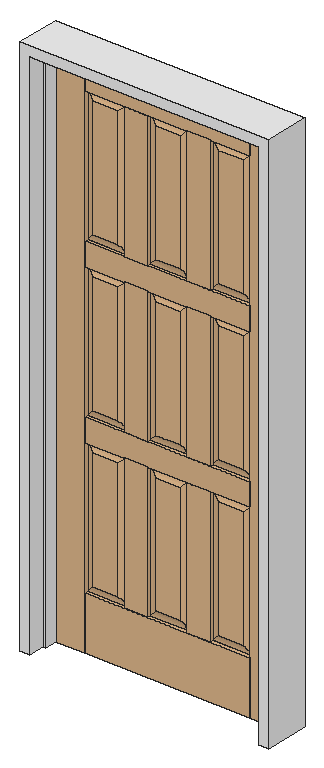
Revit family
Parameters (values of type "1 3/4" Raised Panel")
  URL = "http://www.karonadoor.com"
  Thickness Note = "Do not edit thickness."  # constant formula
  Thickness = 1.774"
  Swing Angle 2D = 90.00°
  SmartBIM Object Version = 1  # constant formula
  SmartBIM Object Created By = "Reed Construction Data"  # constant formula
  Rough Width = 0.000"
  Rough Height = 1.750"
  Panel = Panel_K3090_Karona : 1 3/4" - Raised Panel
  Model = "K3090 Square"  # constant formula
  Manufacturer = "Karona , Inc."  # constant formula
  Interior Panel = Wood, Cherry - Grain Vertical
  Detail Door Thickness = 1.750"
  Assembly Code = ""
  Top Rail Height = 5.000"
  Top Rail = Wood, Cherry - Grain Horizontal
  Stile Width = 5.063"
  Stile = Wood, Cherry - Grain Vertical
  Sticking = Wood, Cherry - Grain Vertical
  Middle Rail = Wood, Cherry - Grain Horizontal
  Height = 84.000"
  Wall Closure = (empty or 0)
  Width = 36.000"
  Frame = Metal
  Bottom Rail Height = 8.500"
  Bottom Rail = Wood, Cherry - Grain Horizontal
  95 CSI = "08210"  # constant formula
  04 CSI = "08 14 33"  # constant formula
Types (9): name | Thickness | Rough Height | Panel | Detail Door Thickness
  1 3/4" Flat Panel | 1.774" | 1.750" | Panel_K3090_Karona : 1 3/4" - Flat Panel | 1.750"
  1 3/8" Flat Panel | 1.334" | 0.000" | Panel_K3090_Karona : 1 3/8" - Flat Panel | 1.375"
  2 1/4" Flat Panel | 2.250" | 0.000" | Panel_K3090_Karona : 2 1/4" - Flat Panel | 2.250"
  1 3/4" Glass Panel | 1.774" | 1.750" | Panel_K3090_Karona : 1 3/4" - Glass Panel | 1.750"
  1 3/8" Glass Panel | 1.334" | 0.000" | Panel_K3090_Karona : 1 3/8" - Glass Panel | 1.375"
  2 1/4" Glass Panel | 2.250" | 0.000" | Panel_K3090_Karona : 2 1/4" - Glass | 2.250"
  1 3/4" Raised Panel | 1.774" | 1.750" | Panel_K3090_Karona : 1 3/4" - Raised Panel | 1.750"
  1 3/8" Raised Panel | 1.334" | 0.000" | Panel_K3090_Karona : 1 3/8" - Raised Panel | 1.375"
  2 1/4" Raised Panel | 2.250" | 0.000" | Panel_K3090_Karona : 2 1/4" - Raised Panel | 2.250"
Reference planes (in)
  plane 1 "Center (Front/Back)": y = 0
  plane 2 "Center (Left/Right)": x = 0
  plane 3 "Left": x = -18
  plane 4 "Right": x = 18
  plane 5 "Top": z = 84
  plane 6 "Exterior Edge of Frame": y = 3.5
  plane 7 "Interior Edge of Frame": y = -3.5
  plane 8: y = 1
  plane 9: y = -1
  plane 10 "Opening Left": x = -19.5
  plane 11 "Opening Right": x = 19.5
  plane 12 "Top of Opening": z = 85.5
  plane 13: x = -17.5
Forms (in)
  Sweep 1, solid, material "Metal" <- "Frame"
    path origin (0, 0, 0) x (1, 0, 0) y (0, 0, 1)
      loop
        line (-19.5, 0) -> (-19.5, 85.5) -> (19.5, 85.5) -> (19.5, 0)
    profile origin (-19.5, 0, 42.75) x (-1, 0, 0) y (0, -1, 0)
      loop
        line (0, -3.5) -> (0, 3.5) -> (-1.5, 3.5) -> (-1.5, 1) -> (-2, 1) -> (-2, -1) -> (-1.5, -1) -> (-1.5, -3.5) -> (0, -3.5)
Lines and regions (in)
  Opening 1
    outline origin (-90, -3, 0) x (1, 0, 0) y (0, 0, 1)
      loop
        line (70.5, 0) -> (109.5, 0) -> (109.5, 85.5) -> (70.5, 85.5) -> (70.5, 0)
  symbolic lines, style "Elevation Swing"
    curve 1: line (18, 3, 0) -> (-18, 3, 42)
    curve 2: line (-18, 3, 42) -> (18, 3, 84)
Text (in)
  text "Exterior" at (-46.13199, 20.20143, 0), in view "Ref. Level"
  text "Interior" at (-46.13199, -10.56751, 0), in view "Ref. Level"
  text "Exterior" at (0, 40.15149, 123.01588), in view "Right"
  text "Interior" at (0, -64.39139, 123.01588), in view "Right"
  text "Interior" at (0, -31.01599, 123.00693), in view "Left"
  text "Exterior" at (0, 54.57065, 123.00693), in view "Left"
Dimensions and locks (in)
  "Height": level to plane 5 "Top"
  "Width": plane 3 "Left" to plane 4 "Right"
  equal spacing: host wall, curve 2, plane 5 "Top"
  locked: host wall to plane 7 "Interior Edge of Frame" at 0.5
  locked: plane 6 "Exterior Edge of Frame" to host wall at 0.5
  locked: plane 9 to plane 7 "Interior Edge of Frame" at 2.5
  locked: plane 6 "Exterior Edge of Frame" to plane 8 at 2.5
  equal spacing: plane 3 "Left", plane 2 "Center (Left/Right)", plane 4 "Right"
  locked: plane 4 "Right" to plane 11 "Opening Right" at 1.5
  locked: plane 5 "Top" to plane 12 "Top of Opening" at 1.5
  locked: plane 3 "Left" to plane 13 at 0.5
  locked: plane 10 "Opening Left" to plane 3 "Left" at 1.5
  aligned and locked: Opening 1 sketch curve to level
  aligned and locked: plane 4 "Right" to curve 1
  aligned and locked: plane 3 "Left" to curve 1
  aligned and locked: plane 5 "Top" to curve 2
  aligned and locked: Opening 1 sketch curve to plane 11 "Opening Right"
  aligned and locked: plane 12 "Top of Opening" to Opening 1 sketch curve
  aligned and locked: Opening 1 sketch curve to plane 10 "Opening Left"
  aligned and locked: plane 10 "Opening Left" to Sweep 1 sketch curve
  aligned and locked: plane 12 "Top of Opening" to Sweep 1 sketch curve
  aligned and locked: plane 11 "Opening Right" to Sweep 1 sketch curve
  aligned and locked: level to Sweep 1 sketch curve  (x2)
  aligned and locked: Sweep 1 sketch curve to plane 10 "Opening Left"
  aligned and locked: Sweep 1 sketch curve to plane 6 "Exterior Edge of Frame"
  aligned and locked: Sweep 1 sketch curve to plane 7 "Interior Edge of Frame"
  aligned and locked: Sweep 1 sketch curve to plane 8
  aligned and locked: Sweep 1 sketch curve to plane 9
  aligned and locked: plane 13 to Sweep 1 sketch curve
  aligned and locked: plane 3 "Left" to Sweep 1 sketch curve  (x2)
  aligned and locked: nested 1 to plane 2 "Center (Left/Right)"
  aligned and locked: nested 1 to plane 8
  aligned and locked: nested 2 to plane 3 "Left"
  aligned and locked: nested 2 to plane 8
Automatic sketch dimensions
  curve 1 to level = 0.000"
  curve 2 to plane 4 "Right" = 0.000"
Nested families (in)
  nested 1: "Panel_K3090_Karona" at (-13.5, 0.6575, 0) x (-1, 0, 0) z (0, 0, 1), type <- "Panel", type "1 3/4" - Raised Panel"
    with Stile Width 5.063", Panel Width 6.208", Half Panel Width 3.104"
  nested 2: "Door Panel Plan View" at (-31.5, 1, 0) x (-1, 0, 0) z (0, 0, 1), type "Door Panel Plan View"
    with Thickness 1.750", Height 84.000"
Definition of nested family "Panel_K3090_Karona"
  Parameters (values of type "2 1/4" - Glass")
    Width = 36.000"
    Top Rail Material = Wood, Cherry - Grain Horizontal
    Top Rail Height = 5.000"
    Top Panel Offset = Top Rail Height + Half Panel Height  # 15.54167"
    Thickness Note = "Do not change door thickness"  # constant formula
    Thickness = 2.250"
    Stile Width = 5.250"
    Stile Material = Wood, Cherry - Grain Vertical
    Sticking Material = Wood, Cherry - Grain Vertical
    Panel Width = (Width - (2 * Stile Width) - (2 * Mullion Width)) / 3  # 6.08333"
    Panel Height = (Height - (Bottom Rail Height + Top Rail Height) - (2 * 3.625")) / 3  # 21.08333"
    Panel = Glass-Sticking-Assembly-Square_Karona : Glass Panel
    Mullion Width = 3.625"  # constant formula
    Interior Panel = Glass
    Height = 84.000"
    Half Panel Width = 0.5 * Panel Width  # 3.04167"
    Half Panel Height = 0.5 * Panel Height  # 10.54167"
    Exterior Edge - Glass Bottom Offset = if(Thickness = 1.774", 0.567", if(Thickness = 2.250", 0.803", 0.469"))  # 0.803"
    Door Panel Material = Wood, Cherry - Grain Vertical
    Default Elevation = 0.000"  # constant formula
    Cross Rail and Panel Spacing Start = Half Panel Height + 0.5 * (3.625")  # 12.35417"
    Cross Rail Panel Height = Panel Height + 3.625"  # 24.70833"
    Bottom Rail Material = Wood, Cherry - Grain Horizontal
    Bottom Rail Height = 8.500"
    Assembly Code = ""
  Types (9): name | Top Rail Height | Top Panel Offset | Thickness | Stile Width | Panel Width | Panel Height | Panel | Interior Panel | Half Panel Width | Half Panel Height | Exterior Edge - Glass Bottom Offset | Cross Rail and Panel Spacing Start | Cross Rail Panel Height | Bottom Rail Height
    2 1/4" - Flat Panel | 5.000" | 15.54167" | 2.250" | 5.250" | 6.08333" | 21.08333" | Glass-Sticking-Assembly-Square_Karona : Flat Panel | Wood, Cherry - Grain Vertical | 3.04167" | 10.54167" | 0.803" | 12.35417" | 24.70833" | 8.500"
    2 1/4" - Glass | 5.000" | 15.54167" | 2.250" | 5.250" | 6.08333" | 21.08333" | Glass-Sticking-Assembly-Square_Karona : Glass Panel | Glass | 3.04167" | 10.54167" | 0.803" | 12.35417" | 24.70833" | 8.500"
    2 1/4" - Raised Panel | 10.000" | 19.45833" | 2.250" | 8.000" | 4.250" | 18.91667" | Glass-Sticking-Assembly-Square_Karona : Raised Panel | Wood, Cherry - Grain Vertical | 2.125" | 9.45833" | 0.803" | 11.27083" | 22.54167" | 10.000"
    1 3/4" - Raised Panel | 5.000" | 15.54167" | 1.774" | 5.250" | 6.08333" | 21.08333" | Glass-Sticking-Assembly-Square_Karona : Raised Panel | Wood, Cherry - Grain Vertical | 3.04167" | 10.54167" | 0.567" | 12.35417" | 24.70833" | 8.500"
    1 3/4" - Flat Panel | 5.000" | 15.54167" | 1.774" | 5.250" | 6.08333" | 21.08333" | Glass-Sticking-Assembly-Square_Karona : Flat Panel | Wood, Cherry - Grain Vertical | 3.04167" | 10.54167" | 0.567" | 12.35417" | 24.70833" | 8.500"
    1 3/4" - Glass Panel | 5.000" | 15.54167" | 1.774" | 5.250" | 6.08333" | 21.08333" | Glass-Sticking-Assembly-Square_Karona : Glass Panel | Glass | 3.04167" | 10.54167" | 0.567" | 12.35417" | 24.70833" | 8.500"
    1 3/8" - Raised Panel | 5.000" | 15.54167" | 1.334" | 5.250" | 6.08333" | 21.08333" | Glass-Sticking-Assembly-Square_Karona : Raised Panel | Wood, Cherry - Grain Vertical | 3.04167" | 10.54167" | 0.469" | 12.35417" | 24.70833" | 8.500"
    1 3/8" - Glass Panel | 5.000" | 15.54167" | 1.334" | 5.250" | 6.08333" | 21.08333" | Glass-Sticking-Assembly-Square_Karona : Glass Panel | Glass | 3.04167" | 10.54167" | 0.469" | 12.35417" | 24.70833" | 8.500"
    1 3/8" - Flat Panel | 5.000" | 15.54167" | 1.334" | 5.250" | 6.08333" | 21.08333" | Glass-Sticking-Assembly-Square_Karona : Flat Panel | Wood, Cherry - Grain Vertical | 3.04167" | 10.54167" | 0.469" | 12.35417" | 24.70833" | 8.500"
  Reference planes (in)
    plane 1 "Center (Front/Back)": y = 1.2315
    plane 2: z = 0
    plane 3 "Center (Left/Right)": x = -13.5
    plane 4 "Left": x = -31.5
    plane 5: x = 4.5
    plane 6 "Inner Left": x = -26.25
    plane 7 "Inner Right": x = -0.75
    plane 8: z = 8.5
    plane 9 "Bottom Of Top Rail": z = 79
    plane 10 "Top": z = 84
    plane 11 "Interior Edge of Door": y = 2.3565
    plane 12: z = 79
    plane 13 "Exterior Edge of Door": y = 0.1065
    plane 14 "Bottom of Glass": y = 0.9095
    plane 15 "Left Panel Vertical Midline": x = -23.20833
    plane 16 "Right Panel Vertical Midline": x = -3.79167
    plane 17 "Center of Left Vertical Mullion": x = -18.35417
    plane 18 "Center of Right Vertical Mullion": x = -8.64583
    plane 19: z = 57.91667
    plane 20: z = 29.58333
    plane 21: z = 54.29167
    plane 22: z = 68.45833
    plane 23: z = 19.04167
    plane 24: z = 33.20833
    plane 25: z = 43.75
  Forms (in)
    Extrusion 1, solid, material "Wood, Cherry - Grain Horizontal" <- "Bottom Rail Material"
      sketch origin (0, -101.3125, 0) x (1, 0, 0) y (0, 0, 1)
        loop
          line (-26.25, 0) -> (-0.75, 0) -> (-0.75, 8.5) -> (-26.25, 8.5) -> (-26.25, 0)
      from -103.669 to -101.419
    Extrusion 2, solid, material "Wood, Cherry - Grain Vertical" <- "Stile Material"
      sketch origin (0, 1.2315, 0) x (1, 0, 0) y (0, 0, 1)
        loop
          line (-31.5, 84) -> (-31.5, 0) -> (-26.25, 0) -> (-26.25, 84) -> (-31.5, 84)
        loop
          line (-0.75, 0) -> (4.5, 0) -> (4.5, 84) -> (-0.75, 84) -> (-0.75, 0)
      from -1.125 to 1.125
    Extrusion 3, solid, material "Wood, Cherry - Grain Horizontal" <- "Top Rail Material"
      sketch origin (0, 1.2315, 0) x (1, 0, 0) y (0, 0, 1)
        loop
          line (-26.25, 84) -> (-26.25, 79) -> (-0.75, 79) -> (-0.75, 84) -> (-26.25, 84)
      from -1.125 to 1.125
    Extrusion 4, solid, material "Wood, Cherry - Grain Vertical" <- "Stile Material"
      sketch origin (0, 1.2315, 0) x (1, 0, 0) y (0, 0, 1)
        loop
          line (-20.16667, 8.5) -> (-16.54167, 8.5) -> (-16.54167, 29.58333) -> (-20.16667, 29.58333) -> (-20.16667, 8.5)
        loop
          line (-20.16667, 79) -> (-20.16667, 57.91667) -> (-16.54167, 57.91667) -> (-16.54167, 79) -> (-20.16667, 79)
        loop
          line (-10.45833, 8.5) -> (-6.83333, 8.5) -> (-6.83333, 29.58333) -> (-10.45833, 29.58333) -> (-10.45833, 8.5)
        loop
          line (-10.45833, 79) -> (-10.45833, 57.91667) -> (-6.83333, 57.91667) -> (-6.83333, 79) -> (-10.45833, 79)
        loop
          line (-20.16667, 33.20933) -> (-16.54167, 33.20933) -> (-16.54167, 54.29267) -> (-20.16667, 54.29267) -> (-20.16667, 33.20933)
        loop
          line (-10.45833, 33.20933) -> (-6.83333, 33.20933) -> (-6.83333, 54.29267) -> (-10.45833, 54.29267) -> (-10.45833, 33.20933)
      from -1.125 to 1.125
    Extrusion 5, solid, material "Wood, Cherry - Grain Horizontal" <- "Top Rail Material"
      sketch origin (0, 1.2315, 0) x (1, 0, 0) y (0, 0, 1)
        loop
          line (-0.75, 29.58333) -> (-0.75, 33.20933) -> (-26.25, 33.20933) -> (-26.25, 29.58333) -> (-0.75, 29.58333)
        loop
          line (-0.75, 54.29167) -> (-0.75, 57.91767) -> (-26.25, 57.91767) -> (-26.25, 54.29167) -> (-0.75, 54.29167)
      from -1.125 to 1.125
  Text (in)
    text "EXTERIOR" at (-34.59289, -1.27941, 0), in view "Ref. Level"
    text "EXTERIOR" at (0, -9.65287, 72.76687), in view "Left"
    text "EXTERIOR" at (0, -33.33473, 96.68074), in view "Right"
  Dimensions and locks (in)
    equal spacing: plane 4 "Left", plane 3 "Center (Left/Right)", plane 5
    "Width": plane 4 "Left" to plane 5
    "Stile Width": plane 4 "Left" to plane 6 "Inner Left"
    "Stile Width": plane 5 to plane 7 "Inner Right"
    "Bottom Rail Height": plane 8 to plane 2
    "Top Rail Height": plane 10 "Top" to plane 9 "Bottom Of Top Rail"
    "Height": plane 10 "Top" to plane 2
    equal spacing: plane 11 "Interior Edge of Door", plane 1 "Center (Front/Back)", plane 13 "Exterior Edge of Door"
    "Thickness": plane 11 "Interior Edge of Door" to plane 13 "Exterior Edge of Door"
    "Exterior Edge - Glass Bottom Offset": plane 14 "Bottom of Glass" to plane 13 "Exterior Edge of Door"
    "Exterior Edge - Glass Bottom Offset": plane 13 "Exterior Edge of Door" to plane 14 "Bottom of Glass"
    "Half Panel Width": plane 15 "Left Panel Vertical Midline" to plane 6 "Inner Left"
    "Half Panel Width": plane 7 "Inner Right" to plane 16 "Right Panel Vertical Midline"
    equal spacing: plane 3 "Center (Left/Right)", plane 17 "Center of Left Vertical Mullion", plane 15 "Left Panel Vertical Midline"
    locked: Extrusion 4 sketch curve to plane 17 "Center of Left Vertical Mullion" at 1.8125  (x2)
    equal spacing: plane 16 "Right Panel Vertical Midline", plane 18 "Center of Right Vertical Mullion", plane 3 "Center (Left/Right)"
    locked: Extrusion 4 sketch curve to plane 18 "Center of Right Vertical Mullion" at 1.8125  (x2)
    Extrusion 5 sketch curve to Extrusion 5 sketch curve = 3.626"  (x2)
    locked: Extrusion 5 sketch curve to Extrusion 5 sketch curve at 3.626  (x2)
    "Panel Height": plane 12 to plane 19
    equal spacing: plane 20, plane 23, plane 8
    equal spacing: plane 12, plane 22, plane 19
    "Panel Height": plane 20 to plane 8
    "Mullion Width": plane 24 to plane 20
    "Mullion Width": plane 19 to plane 21
    equal spacing: plane 21, plane 25, plane 24
    aligned and locked: Extrusion 1 to plane 2
    aligned and locked: plane 11 "Interior Edge of Door" to Extrusion 1
    aligned and locked: plane 4 "Left" to Extrusion 2 sketch curve
    aligned and locked: Extrusion 2 sketch curve to plane 10 "Top"
    aligned and locked: Extrusion 2 sketch curve to Extrusion 1  (x3)
    aligned and locked: Extrusion 1 to Extrusion 2 sketch curve
    aligned and locked: plane 10 "Top" to Extrusion 2 sketch curve
    aligned and locked: plane 5 to Extrusion 2 sketch curve
    aligned and locked: plane 11 "Interior Edge of Door" to Extrusion 2
    aligned and locked: Extrusion 2 to Extrusion 3 sketch curve
    aligned and locked: Extrusion 3 sketch curve to Extrusion 2
    aligned and locked: plane 11 "Interior Edge of Door" to Extrusion 3
    aligned and locked: plane 12 to plane 9 "Bottom Of Top Rail"
    aligned and locked: level to plane 2
    aligned and locked: Extrusion 3 to plane 13 "Exterior Edge of Door"
    aligned and locked: Extrusion 3 to plane 11 "Interior Edge of Door"
    aligned and locked: Extrusion 2 to plane 13 "Exterior Edge of Door"
    aligned and locked: Extrusion 3 to plane 12
    aligned and locked: Extrusion 1 to Extrusion 2
    aligned and locked: nested 1 to plane 1 "Center (Front/Back)"
    aligned and locked: Extrusion 4 sketch curve to plane 12  (x2)
    aligned and locked: Extrusion 4 sketch curve to plane 8  (x2)
    aligned and locked: plane 11 "Interior Edge of Door" to Extrusion 4
    aligned and locked: Extrusion 4 to plane 13 "Exterior Edge of Door"
    aligned and locked: plane 11 "Interior Edge of Door" to Extrusion 5
    aligned and locked: Extrusion 5 to plane 13 "Exterior Edge of Door"
    aligned and locked: plane 15 "Left Panel Vertical Midline" to nested 1
    aligned and locked: nested 2 to plane 15 "Left Panel Vertical Midline"
    aligned and locked: plane 3 "Center (Left/Right)" to nested 3
    aligned and locked: plane 16 "Right Panel Vertical Midline" to nested 4
    aligned and locked: plane 3 "Center (Left/Right)" to nested 5
    aligned and locked: nested 6 to plane 16 "Right Panel Vertical Midline"
    aligned and locked: plane 22 to nested 1
    aligned and locked: plane 22 to nested 3
    aligned and locked: plane 22 to nested 4
    aligned and locked: Extrusion 4 sketch curve to plane 19
    aligned and locked: plane 19 to Extrusion 4 sketch curve
    aligned and locked: Extrusion 4 sketch curve to plane 20  (x2)
    aligned and locked: plane 21 to Extrusion 5
    aligned and locked: plane 15 "Left Panel Vertical Midline" to nested 7
    aligned and locked: plane 3 "Center (Left/Right)" to nested 8
    aligned and locked: plane 16 "Right Panel Vertical Midline" to nested 9
    aligned and locked: plane 25 to nested 7
    aligned and locked: plane 25 to nested 8
    aligned and locked: plane 25 to nested 9
    aligned and locked: plane 20 to Extrusion 5 sketch curve
    aligned and locked: plane 23 to nested 6
    aligned and locked: plane 23 to nested 5
    aligned and locked: plane 23 to nested 2
  Automatic sketch dimensions
    Extrusion 1 sketch curve to plane 6 "Inner Left" = 0.000"
    Extrusion 1 sketch curve to plane 7 "Inner Right" = 0.000"
    Extrusion 1 sketch curve to level = 0.000"
    Extrusion 1 sketch curve to plane 8 = 0.000"
    Extrusion 3 sketch curve to plane 7 "Inner Right" = 0.000"
    Extrusion 3 sketch curve to plane 9 "Bottom Of Top Rail" = 0.000"
    Extrusion 4 sketch curve to plane 17 "Center of Left Vertical Mullion" = 1.8125"  (x3)
    plane 24 to Extrusion 4 sketch curve = 0.001"  (x2)
    plane 17 "Center of Left Vertical Mullion" to Extrusion 4 sketch curve = 1.8125"
    Extrusion 4 sketch curve to plane 18 "Center of Right Vertical Mullion" = 1.8125"  (x3)
    plane 18 "Center of Right Vertical Mullion" to Extrusion 4 sketch curve = 1.8125"
    plane 21 to Extrusion 4 sketch curve = 0.001"  (x2)
    Extrusion 5 sketch curve to plane 6 "Inner Left" = 0.000"  (x2)
    Extrusion 5 sketch curve to plane 7 "Inner Right" = 0.000"  (x2)
    Extrusion 5 sketch curve to plane 21 = 0.000"
  Nested families (in)
    nested 1: "Glass-Sticking-Assembly-Square_Karona" at (-23.67708, 1.38, 57.91667), Width <- "Panel Width", Height <- "Panel Height", type <- "Panel", type "Glass Panel"
      with Width 6.08333", Height 21.08333", Door Thickness 2.250", B 0.803", A 0.433"
    nested 2: "Glass-Sticking-Assembly-Square_Karona" at (-23.67708, 1.38, 8.5), Width <- "Panel Width", Height <- "Panel Height", type <- "Panel", type "Glass Panel"
      with Width 6.08333", Height 21.08333", Door Thickness 2.250", B 0.803", A 0.433"
    nested 3: "Glass-Sticking-Assembly-Square_Karona" at (-13.96875, 1.38, 57.91667), Width <- "Panel Width", Height <- "Panel Height", type <- "Panel", type "Glass Panel"
      with Width 6.08333", Height 21.08333", Door Thickness 2.250", B 0.803", A 0.433"
    nested 4: "Glass-Sticking-Assembly-Square_Karona" at (-4.26042, 1.38, 57.91667), Width <- "Panel Width", Height <- "Panel Height", type <- "Panel", type "Glass Panel"
      with Width 6.08333", Height 21.08333", Door Thickness 2.250", B 0.803", A 0.433"
    nested 5: "Glass-Sticking-Assembly-Square_Karona" at (-13.96875, 1.38, 8.5), Width <- "Panel Width", Height <- "Panel Height", type <- "Panel", type "Glass Panel"
      with Width 6.08333", Height 21.08333", Door Thickness 2.250", B 0.803", A 0.433"
    nested 6: "Glass-Sticking-Assembly-Square_Karona" at (-4.26042, 1.38, 8.5), Width <- "Panel Width", Height <- "Panel Height", type <- "Panel", type "Glass Panel"
      with Width 6.08333", Height 21.08333", Door Thickness 2.250", B 0.803", A 0.433"
    nested 7: "Glass-Sticking-Assembly-Square_Karona" at (-23.67708, 1.38, 33.20833), Width <- "Panel Width", type <- "Panel", Height <- "Panel Height", type "Glass Panel"
      with Width 6.08333", Height 21.08333", Door Thickness 2.250", B 0.803", A 0.433"
    nested 8: "Glass-Sticking-Assembly-Square_Karona" at (-13.96875, 1.38, 33.20833), Width <- "Panel Width", type <- "Panel", Height <- "Panel Height", type "Glass Panel"
      with Width 6.08333", Height 21.08333", Door Thickness 2.250", B 0.803", A 0.433"
    nested 9: "Glass-Sticking-Assembly-Square_Karona" at (-4.26042, 1.38, 33.20833), Width <- "Panel Width", type <- "Panel", Height <- "Panel Height", type "Glass Panel"
      with Width 6.08333", Height 21.08333", Door Thickness 2.250", B 0.803", A 0.433"
  Definition of nested family "Glass-Sticking-Assembly-Square_Karona"
    Parameters (values of type "Glass Panel")
      Width [instance] = 19.000"
      Stop Adjustment = if(and(not(Glass Panel), Door Thickness = 1.774"), 0.513", if(and(not(Glass Panel), Door Thickness = 2.250"), 0.513", if((Glass Panel), 0.125", 0.273")))  # 0.125"
      Profile = Wood, Cherry - Grain Vertical
      Height [instance] = 23.000"
      Raised Panel = no
      Interior Panel = Wood, Cherry - Grain Vertical
      Glass Panel = yes
      Door Thickness = 1.774"
      C = if(Glass Panel, 0.125", if(Door Thickness = 1.774", 0.200", if(Door Thickness = 2.250", 0.439", 0.191")))  # 0.125"
      B = if(Door Thickness = 1.774", 0.567", if(Door Thickness = 2.250", 0.803", 0.469"))  # 0.567"
      Assembly Code = ""
      A = if(Door Thickness = 1.774", 0.197", if(Door Thickness = 2.250", 0.433", 0.194"))  # 0.197"
    Types (3): name | Width | Stop Adjustment | Raised Panel | Glass Panel | C
      Glass Panel | 19.000" | 0.125" | no | yes | 0.125"
      Flat Panel | 4.500" | 0.513" | no | no | 0.200"
      Raised Panel | 4.000" | 0.513" | yes | no | 0.200"
    Reference planes (in)
      plane 1 "Stop Adjustment Edge": y = -0.3455
      plane 2: z = 0
      plane 3 "Center (Left/Right)": x = 0.46875
      plane 4 "Back": y = 0.7365
      plane 5 "Front": y = -1.0375
      plane 6 "Left": x = -9.03125
      plane 7 "Right": x = 9.96875
      plane 8 "Top": z = 23
      plane 9 "Center (Up/Down)": z = 11.5
      plane 10 "Bottom of Stop": y = -0.2205
      plane 11 "Bottom of Glass": y = -0.4705
      plane 12 "Right Edge of Glass": x = 10.35675
      plane 13 "Left Edge of Glass": x = -9.41925
      plane 14 "Top Edge of Glass": z = 23.34425
      plane 15 "Bottom Edge of Glass": z = -0.34425
      plane 16 "A": y = -0.8405
      plane 17 "C": y = 0.6115
      plane 18: z = 0.438
      plane 19: z = 22.562
      plane 20: x = -8.59325
      plane 21: x = 9.53075
      plane 22 "Center (Front/Back)": y = -0.1505
      plane 23: x = -9.46925
      plane 24: x = 10.40675
      plane 25: z = 23.438
      plane 26: z = -0.438
    Forms (in)
      Extrusion 1, solid, material "Wood, Cherry - Grain Vertical" <- "Interior Panel"
        sketch origin (0, 0, 0) x (1, 0, 0) y (0, 1, 0)
          loop
            line (-9.41925, -0.2205) -> (-9.41925, -0.4705) -> (10.35675, -0.4705) -> (10.35675, -0.2205) -> (-9.41925, -0.2205)
        from -0.34425 to 23.34425
      Extrusion 2, solid, material "Wood, Cherry - Grain Vertical" <- "Profile", visible <- "Raised Panel"
        sketch origin (0, 0, 0) x (1, 0, 0) y (0, 1, 0)
          loop
            line (9.96875, 0.6115) -> (-9.03125, 0.6115) -> (-9.03125, -0.2205) -> (9.96875, -0.2205) -> (9.96875, 0.6115)
          loop
            line (-9.03125, -0.4705) -> (-9.03125, -0.8405) -> (9.96875, -0.8405) -> (9.96875, -0.4705) -> (-9.03125, -0.4705)
        from 0 to 23
      Sweep 3, void
        path origin (0, -0.2205, 0) x (-1, 0, 0) y (0, 0, 1)
          loop
            line (9.46925, -0.438) -> (9.46925, 23.438) -> (-10.40675, 23.438) -> (-10.40675, -0.438) -> (9.46925, -0.438)
        profile "Profile : 05" origin (-9.46925, -0.2205, 11.5) x (1, 0, 0) y (0, 1, 0)
          loop
            line (0, 0.05) -> (0.36169, 0.05096)
            arc (0.36169, 0.05096) -> (1.01257, 0.13642) -> (1.61934, 0.387) r 2.52143
            line (1.61934, 0.387) -> (0, 0.387) -> (0, 0.05)
      Sweep 4, void
        path origin (0, -0.4705, 0) x (-1, 0, 0) y (0, 0, 1)
          loop
            line (-10.40675, 23.438) -> (-10.40675, -0.438) -> (9.46925, -0.438) -> (9.46925, 23.438) -> (-10.40675, 23.438)
        profile "Profile : 05" origin (10.40675, -0.4705, 11.5) x (-1, 0, 0) y (0, 1, 0)
          loop
            line (0, -0.05) -> (0, -0.387) -> (1.61934, -0.387)
            arc (1.61934, -0.387) -> (1.01257, -0.13642) -> (0.36169, -0.05096) r 2.52143
            line (0.36169, -0.05096) -> (0, -0.05)
    Cuts and joins
      Sweep 3, Sweep 4 cuts Extrusion 2
    Text (in)
      text "INTERIOR" at (-14.3788, 3.49864, 0), in view "Ref. Level"
    Dimensions and locks (in)
      equal spacing: plane 6 "Left", plane 3 "Center (Left/Right)", plane 7 "Right"
      "Width": plane 6 "Left" to plane 7 "Right"
      "Door Thickness": plane 4 "Back" to plane 5 "Front"
      "Height": plane 8 "Top" to plane 2
      equal spacing: plane 8 "Top", plane 9 "Center (Up/Down)", level
      locked: plane 1 "Stop Adjustment Edge" to plane 11 "Bottom of Glass" at 0.125
      "Stop Adjustment": plane 10 "Bottom of Stop" to plane 1 "Stop Adjustment Edge"
      locked: plane 7 "Right" to plane 12 "Right Edge of Glass" at 0.388
      locked: plane 14 "Top Edge of Glass" to plane 8 "Top" at 0.34425
      locked: level to plane 15 "Bottom Edge of Glass" at 0.34425
      locked: plane 13 "Left Edge of Glass" to plane 6 "Left" at 0.388
      "B": plane 5 "Front" to plane 11 "Bottom of Glass"
      "A": plane 5 "Front" to plane 16 "A"
      "C": plane 17 "C" to plane 4 "Back"
      locked: plane 18 to level at 0.438
      locked: plane 8 "Top" to plane 19 at 0.438
      locked: plane 6 "Left" to plane 20 at 0.438
      locked: plane 21 to plane 7 "Right" at 0.438
      equal spacing: plane 4 "Back", plane 22 "Center (Front/Back)", plane 5 "Front"
      locked: plane 23 to plane 13 "Left Edge of Glass" at 0.05
      locked: plane 12 "Right Edge of Glass" to plane 24 at 0.05
      locked: plane 25 to plane 14 "Top Edge of Glass" at 0.09375
      locked: plane 15 "Bottom Edge of Glass" to plane 26 at 0.09375
      aligned and locked: Extrusion 1 sketch curve to plane 13 "Left Edge of Glass"
      aligned and locked: Extrusion 1 sketch curve to plane 10 "Bottom of Stop"
      aligned and locked: Extrusion 1 sketch curve to plane 11 "Bottom of Glass"
      aligned and locked: Extrusion 1 sketch curve to plane 12 "Right Edge of Glass"
      aligned and locked: plane 14 "Top Edge of Glass" to Extrusion 1
      aligned and locked: Extrusion 1 to plane 15 "Bottom Edge of Glass"
      aligned and locked: Extrusion 2 sketch curve to plane 17 "C"
      aligned and locked: Extrusion 2 sketch curve to plane 10 "Bottom of Stop"
      aligned and locked: Extrusion 2 sketch curve to plane 11 "Bottom of Glass"
      aligned and locked: Extrusion 2 sketch curve to plane 16 "A"
      aligned and locked: plane 25 to Sweep 4 sketch curve
      aligned and locked: Sweep 4 sketch curve to plane 23
      aligned and locked: plane 24 to Sweep 4 sketch curve
      aligned and locked: Sweep 4 sketch curve to plane 26
      aligned and locked: plane 25 to Sweep 3 sketch curve
      aligned and locked: plane 24 to Sweep 3 sketch curve
      aligned and locked: Sweep 3 sketch curve to plane 23
      aligned and locked: Sweep 3 sketch curve to plane 26
      aligned and locked: plane 6 "Left" to Extrusion 2 sketch curve  (x2)
      aligned and locked: plane 7 "Right" to Extrusion 2 sketch curve  (x2)
      aligned and locked: plane 8 "Top" to Extrusion 2
      aligned and locked: Extrusion 2 to level
Definition of nested family "Door Panel Plan View"
  Parameters (values of type "Door Panel Plan View")
    Width = 36.000"
    Thickness = 2.000"
    Swing Angle 2D = 90.00°
    Height = 0.000"
    Assembly Code = ""
  Reference planes (in)
    plane 1 "Center (Front/Back)": y = 0
    plane 2: z = 0
    plane 3 "Center (Left/Right)": x = -13.5
  Lines and regions (in)
    symbolic lines, style "DoorsPanelProjection"
      curve 1: line (-13.5, 0, 0) -> (-13.5, 36, 0)
      curve 2: line (-15.5, 0, 0) -> (-15.5, 36, 0)
      curve 3: line (-13.5, 0, 0) -> (-15.5, 0, 0)
      curve 4: line (-13.5, 36, 0) -> (-15.5, 36, 0)
    symbolic lines, style "Plan Swing"
      curve 5: arc (-13.5, 36, 0) -> (-38.95584, 25.45584, 0) -> (-49.5, 0, 0) r 36
  Dimensions and locks (in)
    "Width": curve 4 to curve 3
    "Thickness": curve 1 to curve 2
    "Swing Angle 2D": angle curve 1 to plane 1 "Center (Front/Back)"
    aligned and locked: plane 1 "Center (Front/Back)" to curve 5
  Automatic sketch dimensions
    curve 3 to plane 1 "Center (Front/Back)" = 0.000"
    curve 5 to plane 3 "Center (Left/Right)" = 0.000"
    curve 3 to plane 3 "Center (Left/Right)" = 0.000"
